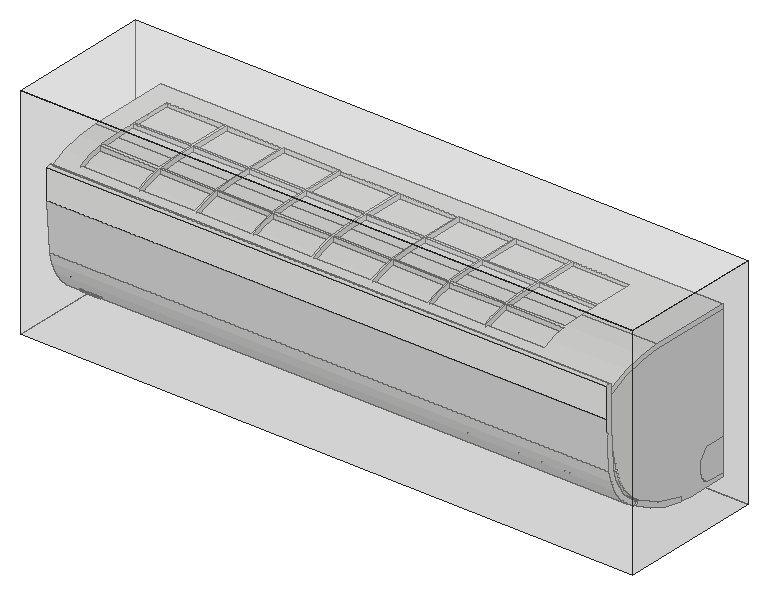
Revit family "outputfile", category 機械設備, Revit 2024
Family settings
  丸型コネクタ寸法 = 半径を使用
  パーツ タイプ = 標準
  OmniClass 番号 = 23.75.10.24.21.27.27
  OmniClass タイトル = Split System Air Conditioning Units
  作業面ベース = いいえ
  常に垂直 = はい
  ロード時にボイドで切り取り = いいえ
  注釈の向きを維持 = いいえ
  共有 = いいえ
  部屋計算ポイント = いいえ
Parameters (values of type "FXAQ50AVM")
  Description = ""
  製造元 = "Daikin"
  書き出し IFC クラス(タイプ) = "IfcUnitaryEquipmentType"
  定義済み IFC タイプ(タイプ) = "AIRCONDITIONINGUNIT"
  Cost = 0
  モデル = "FXAQ50AVM"
  Type Comments = ""
  Keynote = ""
  Type Image = (empty or 0)
  Assembly Code = ""
  w3_Indoor air flow = if(Width = 1050.0 mm, 109.0 mm, 1.0 mm)  # 109.0 mm
  w2_Indoor air flow = if(Width = 1050.0 mm, 103.0 mm, 98.0 mm)  # 103.0 mm
  w1_Indoor air flow = if(Width = 1050.0 mm, 108.0 mm, 103.0 mm)  # 108.0 mm
  r_Liquid Pipe Size = Liquid Pipe Size / 2  # 3.2 mm
  r_Gas Pipe Size = Gas Pipe Size / 2  # 6.35 mm
  r_Drain Pipe Size = Drain Pipe Size / 2  # 7.5 mm
  lw_powersupply [instance] = if(Width = 795.0 mm, if(or(Rear Right Connection_refrigerant, Bottom Right Connection_refrigerant), 83.0 mm, if(or(Rear Left Connection_refrigerant, Bottom Left Connection_refrigerant), 740.0 mm, 400.0 mm)), if(Width = 1050.0 mm, if(or(Rear Right Connection_refrigerant, Bottom Right Connection_refrigerant), 83.0 mm, if(or(Rear Left Connection_refrigerant, Bottom Left Connection_refrigerant), 712.0 mm + (1050.0 mm - 795.0 mm), 400.0 mm)), if(or(Rear Right Connection_refrigerant, Bottom Right Connection_refrigerant), 83.0 mm, if(or(Rear Left Connection_refrigerant, Bottom Left Connection_refrigerant), 712.0 mm, 400.0 mm))))  # 400.0 mm
  lw_liquidpipe [instance] = if(Width = 795.0 mm, if(or(Rear Right Connection_refrigerant, Bottom Right Connection_refrigerant), 0.0 mm, if(or(Rear Left Connection_refrigerant, Bottom Left Connection_refrigerant), 627.0 mm, 460.0 mm)), if(Width = 1050.0 mm, if(or(Rear Right Connection_refrigerant, Bottom Right Connection_refrigerant), 0.0 mm, if(or(Rear Left Connection_refrigerant, Bottom Left Connection_refrigerant), 627.0 mm + (1050.0 mm - 795.0 mm), 460.0 mm)), if(or(Rear Right Connection_refrigerant, Bottom Right Connection_refrigerant), 0.0 mm, if(or(Rear Left Connection_refrigerant, Bottom Left Connection_refrigerant), 627.0 mm, 460.0 mm))))  # 460.0 mm
  lw_gaspipe [instance] = if(Width = 795.0 mm, if(or(Rear Right Connection_refrigerant, Bottom Right Connection_refrigerant), 0.0 mm, if(or(Rear Left Connection_refrigerant, Bottom Left Connection_refrigerant), 620.0 mm, 415.0 mm)), if(Width = 1050.0 mm, if(or(Rear Right Connection_refrigerant, Bottom Right Connection_refrigerant), 0.0 mm, if(or(Rear Left Connection_refrigerant, Bottom Left Connection_refrigerant), 620.0 mm + (1050.0 mm - 795.0 mm), 415.0 mm)), if(or(Rear Right Connection_refrigerant, Bottom Right Connection_refrigerant), 0.0 mm, if(or(Rear Left Connection_refrigerant, Bottom Left Connection_refrigerant), 620.0 mm, 415.0 mm))))  # 415.0 mm
  lw_drainpipe [instance] = if(Width = 795.0 mm, if(or(Rear Right Connection_refrigerant, Bottom Right Connection_refrigerant), 0.0 mm, if(or(Rear Left Connection_refrigerant, Bottom Left Connection_refrigerant), 655.0 mm, 475.0 mm)), if(Width = 1050.0 mm, if(or(Rear Right Connection_refrigerant, Bottom Right Connection_refrigerant), 0.0 mm, if(or(Rear Left Connection_refrigerant, Bottom Left Connection_refrigerant), 655.0 mm + (1050.0 mm - 795.0 mm), 475.0 mm)), if(or(Rear Right Connection_refrigerant, Bottom Right Connection_refrigerant), 0.0 mm, if(or(Rear Left Connection_refrigerant, Bottom Left Connection_refrigerant), 655.0 mm, 475.0 mm))))  # 475.0 mm
  l_powersupply_length [instance] = if(Width = 795.0 mm, if(Right Connection_refrigerant, 400.0 mm, if(Left Connection_refrigerant, 395.0 mm, if(or(Rear Left Connection_refrigerant, Rear Right Connection_refrigerant), 15.0 mm, 50.0 mm))), if(Width = 1050.0 mm, if(Right Connection_refrigerant, 400.0 mm, if(Left Connection_refrigerant, 395.0 mm + (1050.0 mm - 795.0 mm), if(or(Rear Left Connection_refrigerant, Rear Right Connection_refrigerant), 15.0 mm, 50.0 mm))), if(Right Connection_refrigerant, 400.0 mm, if(Left Connection_refrigerant, 395.0 mm, if(or(Rear Left Connection_refrigerant, Rear Right Connection_refrigerant), 15.0 mm, 50.0 mm)))))  # 400.0 mm
  l_liquidpipe_length [instance] = if(Width = 795.0 mm, if(Right Connection_refrigerant, 558.0 mm, if(Left Connection_refrigerant, 237.0 mm, if(or(Rear Left Connection_refrigerant, Rear Right Connection_refrigerant), 30.0 mm, 40.0 mm))), if(Width = 1050.0 mm, if(Right Connection_refrigerant, 558.0 mm, if(Left Connection_refrigerant, 237.0 mm + (1050.0 mm - 795.0 mm), if(or(Rear Left Connection_refrigerant, Rear Right Connection_refrigerant), 30.0 mm, 40.0 mm))), if(Right Connection_refrigerant, 558.0 mm, if(Left Connection_refrigerant, 237.0 mm, if(or(Rear Left Connection_refrigerant, Rear Right Connection_refrigerant), 30.0 mm, 40.0 mm)))))  # 558.0 mm
  l_gaspipe_length [instance] = if(Width = 795.0 mm, if(Right Connection_refrigerant, 513.0 mm, if(Left Connection_refrigerant, 282.0 mm, if(or(Rear Left Connection_refrigerant, Rear Right Connection_refrigerant), 40.0 mm, 50.0 mm))), if(Width = 1050.0 mm, if(Right Connection_refrigerant, 513.0 mm, if(Left Connection_refrigerant, 282.0 mm + (1050.0 mm - 795.0 mm), if(or(Rear Left Connection_refrigerant, Rear Right Connection_refrigerant), 40.0 mm, 50.0 mm))), if(Right Connection_refrigerant, 513.0 mm, if(Left Connection_refrigerant, 282.0 mm, if(or(Rear Left Connection_refrigerant, Rear Right Connection_refrigerant), 40.0 mm, 50.0 mm)))))  # 513.0 mm
  l_drainpipe_length [instance] = if(Width = 795.0 mm, if(Right Connection_refrigerant, 573.0 mm, if(Left Connection_refrigerant, 222.0 mm, if(or(Rear Left Connection_refrigerant, Rear Right Connection_refrigerant), 15.0 mm, 20.0 mm))), if(Width = 1050.0 mm, if(Right Connection_refrigerant, 573.0 mm, if(Left Connection_refrigerant, 222.0 mm + (1050.0 mm - 795.0 mm), if(or(Rear Left Connection_refrigerant, Rear Right Connection_refrigerant), 15.0 mm, 20.0 mm))), if(Right Connection_refrigerant, 573.0 mm, if(Left Connection_refrigerant, 477.0 mm, if(or(Rear Left Connection_refrigerant, Rear Right Connection_refrigerant), 15.0 mm, 20.0 mm)))))  # 573.0 mm
  h*** = 0.0 mm  # constant formula
  d1_Indoor air flow = if(Width = 1050.0 mm, 38.0 mm, 35.0 mm)  # 38.0 mm
  angle_vertical [instance] = if(or(Bottom Left Connection_refrigerant, Bottom Right Connection_refrigerant), 0.00°, 90.00°)  # 90.00°
  angle_horizontal [instance] = if(Right Connection_refrigerant, 90.00°, if(Left Connection_refrigerant, -90.00°, if(or(Rear Left Connection_refrigerant, Rear Right Connection_refrigerant), 180.00°, 0.00°)))  # 90.00°
  Width = 1050.0 mm
  Voltage_comment_60Hz = "220-230"
  Voltage_comment_50Hz = "220-240"
  Voltage_60Hz = 220 V
  Voltage_50Hz = 230 V
  Version = "ver.1.0"
  Unit Type = "Wall Mounted Type"
  Unit Mass Weight = 15.00 kg
  Unit Designation [instance] = ""
  Uniclass2015Version = "Products v1.30"
  Uniclass2015Title = "Variable refrigerant flow units"
  Uniclass2015Code = "Pr_70_65_03_94"
  URL = ""
  Total Heating Capacity [instance] = 0.000 kW
  Total Cooling Capacity [instance] = 0.000 kW
  Sound Pressure Level_M speed (dBA) = 0
  Sound Pressure Level_L speed (dBA) = 35.5
  Sound Pressure Level_H speed (dBA) = 41
  Sound Power Level_H speed (dB) = 0
  Series = "VRV Fan Coil Unit"
  Sensible Cooling Capacity [instance] = 0.000 kW
  Refrigerant Type = "R410A"
  Power Input (Heating) = 0.070 kW
  Power Input (Cooling) = 0.060 kW
  Phase_60Hz = 1
  Phase_50Hz = 1
  Option Accessory 3 [instance] = ""
  Option Accessory 2 [instance] = ""
  Option Accessory 1 [instance] = ""
  Nominal Heating Capacity = 6.300 kW
  Nominal Cooling Capacity = 5.600 kW
  Minimum Circuit Amps_60Hz = 0.7 A
  Minimum Circuit Amps_50Hz = 0.7 A
  Minimum Airflow = 720.00 m³/h
  Median Airflow = 0.00 m³/h
  Maximum Fuse Amps_60Hz = 15.0 A
  Maximum Fuse Amps_50Hz = 15.0 A
  Maximum Airflow = 900.00 m³/h
  Material_Casing = DAIKIN_White_Casing_indoorunit
  Load Classification = HVAC
  Liquid Pipe Size = 6.4 mm
  Link_Nested Family [instance] = ""
  IfcVersion = "0"
  IfcExportType = "AIRCONDITIONINGUNIT"
  IfcExportAs = "IfcUnitaryEquipmentType"
  Height = 290.0 mm
  Heating Entering Wet Bulb Temperature [instance] = 0.00 °C
  Heating Entering Dry Bulb Temperature [instance] = 0.00 °C
  Heating Ambient Wet Bulb Temperature [instance] = 0.00 °C
  Heating Ambient Dry Bulb Temperature [instance] = 0.00 °C
  Heat Exchanger Type = "Cross Fin Coil"
  Gas Pipe Size = 12.7 mm
  Frequency_60Hz = 60 Hz
  Frequency_50Hz = 50 Hz
  Fan Type = "Cross Flow Fan"
  Fan Drive = "Direct Drive"
  FCU Tag No. [instance] = ""
  Drain Pipe Size = 15.0 mm
  Design Supply Airflow [instance] = 0.00 m³/h
  Depth = 269.0 mm
  既定の高さ = 0.0 mm
  Cooling Entering Wet Bulb Temperature [instance] = 0.00 °C
  Cooling Entering Dry Bulb Temperature [instance] = 0.00 °C
  Cooling Ambient Wet Bulb Temperature [instance] = 0.00 °C
  Cooling Ambient Dry Bulb Temperature [instance] = 0.00 °C
  Clearance visibility [instance] = yes
  Clearance Top = 90.0 mm
  Clearance Right = 50.0 mm
  Clearance Rear = 0.0 mm
  Clearance Left = 50.0 mm
  Clearance Front = 0.0 mm
  Clearance Bottom = 30.0 mm
  Bottom Right Connection_refrigerant [instance] = no
  Bottom Left Connection_refrigerant [instance] = no
  Rear Right Connection_refrigerant [instance] = no
  Rear Left Connection_refrigerant [instance] = no
  Right Connection_refrigerant [instance] = yes
  Left Connection_refrigerant [instance] = no
Reference planes
  plane 1 "Back": y = 0
  plane 2: z = 0
  plane 3 "Center (Left/Right)": x = 0
  plane 4 "Center (Front/Back)": y = -134.5
  plane 5 "Front": y = -269
  plane 6 "Left": x = -525
  plane 7 "Right": x = 525
  plane 8 "Top": z = 0
  plane 9 "Bottom": z = -290
  plane 10 "Front panel_Left": x = -523
  plane 11 "Front panel_Right": x = 523
  plane 12: x = 389
  plane 13: x = 384
  plane 14: x = -573
  plane 15: x = 573
  plane 16: y = 0
  plane 17: y = -269
  plane 18: z = 90
  plane 19: z = -320
  plane 20: y = -38
  plane 21: y = -114.5
  plane 22: y = -190.5
  plane 23: y = -240
  plane 24: y = -118
  plane 25: y = -194
  plane 26: x = -50
  plane 27: x = -52
  plane 28: x = -48
  plane 29: x = 60
  plane 30: x = -160
  plane 31: x = -163
  plane 32: x = 63
  plane 33: x = -266
  plane 34: x = 166
  plane 35: x = -269
  plane 36: x = 169
  plane 37: x = -372
  plane 38: x = 272
  plane 39: x = -375
  plane 40: x = 275
  plane 41: x = 384
  plane 42: x = -484
  plane 43 "lw_Piping and Wiring intake": x = 427
  plane 44 "lw_gaspipe": x = 12
  plane 45 "lw_liquidpipe": x = -33
  plane 46 "lw_drainpipe": x = -48
  plane 47 "lh_drainpipe": z = -270
  plane 48 "lh_liquidpipe": z = -250
  plane 49 "lh_gaspipe": z = -240
  plane 50 "ld_drainpipe": y = -15
  plane 51 "ld_liquidpipe": y = -30
  plane 52 "ld_gaspipe": y = -40
  plane 53 "lw_powersupply": x = 125
Forms (mm)
  Extrusion 1, solid, material "DAIKIN_White_Casing_indoorunit" <- "Material_Casing"
    sketch origin (0, 0, 0) x (0, 1, 0) y (0, 0, 1)
      loop
        line (0, 0) -> (-153.182, 0)
        arc (-153.182, 0) -> (-207.578, -6.929) -> (-258.5, -27.273) r 216.99
        line (-258.5, -27.273) -> (-258.5, -36.477)
        arc (-258.5, -36.477) -> (-207.732, -15.245) -> (-153.182, -8) r 208.99
        line (-153.182, -8) -> (0, -8) -> (0, 0)
    from -525 to 525
  Extrusion 2, solid, material "DAIKIN_White_Casing_indoorunit" <- "Material_Casing"
    sketch origin (0, 0, 0) x (0, 1, 0) y (0, 0, 1)
      loop
        arc (-153.182, -8) -> (-207.732, -15.245) -> (-258.5, -36.477) r 208.99
        line (-258.5, -36.477) -> (-258.5, -86.08)
        arc (-258.5, -86.08) -> (-255.889, -129.793) -> (-248.094, -172.885) r 367.242
        arc (-248.094, -172.885) -> (-229.647, -212.392) -> (-197.378, -241.715) r 110.72
        arc (-197.378, -241.715) -> (-148.03, -265.605) -> (-95.247, -280.433) r 310.126
        line (-95.247, -280.433) -> (-95.247, -288.232)
        arc (-95.247, -288.232) -> (-84.534, -289.557) -> (-73.748, -290) r 131.592
        line (-73.748, -290) -> (0, -290) -> (0, -8) -> (-153.182, -8)
    from -525 to 525
  Extrusion 3, solid, material "DAIKIN_White_Casing_indoorunit" <- "Material_Casing"
    sketch origin (525, 1296.25, 1200) x (0, 1, 0) y (0, 0, 1)
      loop
        line (-1491.901, -1442.741) -> (-1496.494, -1450.482)
        arc (-1496.494, -1450.482) -> (-1447.058, -1474.911) -> (-1393.497, -1488.023) r 252.452
        line (-1393.497, -1488.023) -> (-1393.497, -1480.051)
        arc (-1393.497, -1480.051) -> (-1444.293, -1465.6) -> (-1491.901, -1442.741) r 310.126
    from 0 to -40.5
  Extrusion 4, solid, material "DAIKIN_White_Casing_indoorunit" <- "Material_Casing"
    sketch origin (0, 0, 0) x (0, 1, 0) y (0, 0, 1)
      loop
        line (-260, -76.896) -> (-260, -19.457) -> (-261.688, -19.457)
        arc (-261.688, -19.457) -> (-265.551, -20.17) -> (-269, -22.048) r 12.48
        line (-269, -22.048) -> (-269, -76.896) -> (-260, -76.896)
    from -523 to 523
  Extrusion 5, solid, material "DAIKIN_White_Casing_indoorunit" <- "Material_Casing"
    sketch origin (0, 0, 0) x (0, 1, 0) y (0, 0, 1)
      loop
        arc (-269, -76.896) -> (-267.342, -121.828) -> (-262.378, -166.517) r 609.735
        line (-262.378, -166.517) -> (-253.471, -165.192)
        arc (-253.471, -165.192) -> (-258.366, -121.165) -> (-260, -76.896) r 600.314
        line (-260, -76.896) -> (-269, -76.896)
    from -523 to 523
  Extrusion 6, solid, material "DAIKIN_White_Casing_indoorunit" <- "Material_Casing"
    sketch origin (0, 0, 0) x (0, 1, 0) y (0, 0, 1)
      loop
        arc (-262.378, -166.517) -> (-243.331, -214.672) -> (-204.947, -249.433) r 114
        line (-204.947, -249.433) -> (-200.324, -241.643)
        arc (-200.324, -241.643) -> (-235.845, -209.638) -> (-253.471, -165.192) r 104.894
        line (-253.471, -165.192) -> (-262.378, -166.517)
    from -523 to 523
  Extrusion 7, solid, material "DAIKIN_White_Casing_indoorunit" <- "Material_Casing"
    sketch origin (-525, 1296.25, 1200) x (0, 1, 0) y (0, 0, 1)
      loop
        arc (-1496.494, -1450.482) -> (-1447.058, -1474.911) -> (-1393.497, -1488.023) r 252.452
        line (-1393.497, -1488.023) -> (-1393.497, -1480.051)
        arc (-1393.497, -1480.051) -> (-1444.293, -1465.6) -> (-1491.901, -1442.741) r 310.126
        line (-1491.901, -1442.741) -> (-1496.494, -1450.482)
    from 0 to 40.5
  Extrusion 8, solid, material "DAIKIN_White_Casing_indoorunit" <- "Material_Casing"
    sketch origin (0, 0, 0) x (0, 1, 0) y (0, 0, 1)
      loop
        arc (-134.549, -280.22) -> (-116.045, -284.826) -> (-97.247, -288.023) r 252.452
        line (-97.247, -288.023) -> (-97.247, -280.051)
        arc (-97.247, -280.051) -> (-114.669, -276.142) -> (-131.838, -271.237) r 310.126
        line (-131.838, -271.237) -> (-134.549, -280.22)
    from -484.5 to 484.5
  Extrusion 9, solid, material "DAIKIN_White_Casing_indoorunit" <- "Material_Casing"
    sketch origin (389, -1524, 1789.769) x (0, 0, 1) y (0, -1, 0)
      loop
        line (-2032.51, -1328.35) -> (-2040.251, -1323.756)
        arc (-2040.251, -1323.756) -> (-2050.358, -1341.058) -> (-2059.061, -1359.107) r 252.452
        line (-2059.061, -1359.107) -> (-2050.603, -1364.126)
        arc (-2050.603, -1364.126) -> (-2042.135, -1345.945) -> (-2032.51, -1328.35) r 310.126
    from 0 to 95.5
  Extrusion 10, solid, material "DAIKIN_White_Casing_indoorunit" <- "Material_Casing"
    sketch origin (389, -1524, 1789.769) x (0, 0, 1) y (0, -1, 0)
      loop
        arc (-2059.061, -1359.107) -> (-2065.01, -1374.104) -> (-2069.989, -1389.451) r 252.452
        line (-2069.989, -1389.451) -> (-2061.006, -1392.162)
        arc (-2061.006, -1392.162) -> (-2056.142, -1378.019) -> (-2050.603, -1364.126) r 310.126
        line (-2050.603, -1364.126) -> (-2059.061, -1359.107)
    from 0 to 95.5
  Extrusion 11, solid, material "DAIKIN_White_Casing_indoorunit" <- "Material_Casing"
    sketch origin (384, -1524, 1089.438) x (0, 0, 1) y (0, -1, 0)
      loop
        arc (-1350.272, -1364.126) -> (-1341.805, -1345.945) -> (-1332.179, -1328.35) r 310.126
        line (-1332.179, -1328.35) -> (-1339.92, -1323.756)
        arc (-1339.92, -1323.756) -> (-1350.027, -1341.058) -> (-1358.73, -1359.107) r 252.452
        line (-1358.73, -1359.107) -> (-1350.272, -1364.126)
    from 0 to -868.5
  Extrusion 12, solid, material "DAIKIN_White_Casing_indoorunit" <- "Material_Casing"
    sketch origin (384, -1524, 1089.438) x (0, 0, 1) y (0, -1, 0)
      loop
        arc (-1360.675, -1392.162) -> (-1355.812, -1378.019) -> (-1350.272, -1364.126) r 310.126
        line (-1350.272, -1364.126) -> (-1358.73, -1359.107)
        arc (-1358.73, -1359.107) -> (-1364.679, -1374.104) -> (-1369.658, -1389.451) r 252.452
        line (-1369.658, -1389.451) -> (-1360.675, -1392.162)
    from 0 to -868.5
  Extrusion 13, void
    sketch origin (0, 0, 0) x (-1, 0, 0) y (0, -1, 0)
      loop
        line (48, 38) -> (48, 114.5) -> (-60, 114.5) -> (-60, 38) -> (48, 38)
      loop
        line (-63, 38) -> (-63, 114.5) -> (-166, 114.5) -> (-166, 38) -> (-63, 38)
      loop
        line (-169, 38) -> (-169, 114.5) -> (-272, 114.5) -> (-272, 38) -> (-169, 38)
      loop
        line (-275, 38) -> (-275, 114.5) -> (-384, 114.5) -> (-384, 38) -> (-275, 38)
      loop
        line (160, 38) -> (160, 114.5) -> (52, 114.5) -> (52, 38) -> (160, 38)
      loop
        line (-275, 118) -> (-275, 190.5) -> (-384, 190.5) -> (-384, 118) -> (-275, 118)
      loop
        line (-275, 194) -> (-275, 240) -> (-384, 240) -> (-384, 194) -> (-275, 194)
      loop
        line (-169, 240) -> (-272, 240) -> (-272, 194) -> (-169, 194) -> (-169, 240)
      loop
        line (-63, 240) -> (-166, 240) -> (-166, 194) -> (-63, 194) -> (-63, 240)
      loop
        line (-60, 194) -> (48, 194) -> (48, 240) -> (-60, 240) -> (-60, 194)
      loop
        line (160, 240) -> (52, 240) -> (52, 194) -> (160, 194) -> (160, 240)
      loop
        line (266, 240) -> (163, 240) -> (163, 194) -> (266, 194) -> (266, 240)
      loop
        line (372, 240) -> (269, 240) -> (269, 194) -> (372, 194) -> (372, 240)
      loop
        line (163, 38) -> (266, 38) -> (266, 114.5) -> (163, 114.5) -> (163, 38)
      loop
        line (269, 38) -> (372, 38) -> (372, 114.5) -> (269, 114.5) -> (269, 38)
      loop
        line (372, 118) -> (372, 190.5) -> (269, 190.5) -> (269, 118) -> (372, 118)
      loop
        line (266, 118) -> (266, 190.5) -> (163, 190.5) -> (163, 118) -> (266, 118)
      loop
        line (160, 118) -> (160, 190.5) -> (52, 190.5) -> (52, 118) -> (160, 118)
      loop
        line (48, 118) -> (48, 190.5) -> (-60, 190.5) -> (-60, 118) -> (48, 118)
      loop
        line (-63, 118) -> (-63, 190.5) -> (-166, 190.5) -> (-166, 118) -> (-63, 118)
      loop
        line (-169, 118) -> (-169, 190.5) -> (-272, 190.5) -> (-272, 118) -> (-169, 118)
      loop
        line (375, 38) -> (484, 38) -> (484, 114.5) -> (375, 114.5) -> (375, 38)
      loop
        line (484, 118) -> (484, 190.5) -> (375, 190.5) -> (375, 118) -> (484, 118)
      loop
        line (484, 240) -> (375, 240) -> (375, 194) -> (484, 194) -> (484, 240)
    from 2 to -30
  Extrusion 14, solid, material "DAIKIN_White_Casing_indoorunit" <- "Material_Casing"
    sketch origin (0, 0, 0) x (1, 0, 0) y (0, 0, 1)
      loop
        circle (427, -246) r 40
      loop
        circle (-465, -246) r 40
    from 0 to 5
  Extrusion 15, solid, material "DAIKIN_White_Casing_indoorunit" <- "Material_Casing"
    sketch origin (525, 1296.25, 1200) x (0, -1, 0) y (0, 0, 1)
      loop
        line (1326.25, -1422) -> (1296.25, -1422) -> (1296.25, -1482) -> (1326.25, -1482)
        arc (1326.25, -1482) -> (1340.393, -1476.142) -> (1346.25, -1462) r 20
        line (1346.25, -1462) -> (1346.25, -1442)
        arc (1346.25, -1442) -> (1340.393, -1427.858) -> (1326.25, -1422) r 20
    from 0 to 5
  Extrusion 16, solid, material "DAIKIN_White_Casing_indoorunit" <- "Material_Casing"
    sketch origin (-525, 1296.25, 1200) x (0, 1, 0) y (0, 0, 1)
      loop
        line (-1296.25, -1422) -> (-1326.25, -1422)
        arc (-1326.25, -1422) -> (-1340.393, -1427.858) -> (-1346.25, -1442) r 20
        line (-1346.25, -1442) -> (-1346.25, -1462)
        arc (-1346.25, -1462) -> (-1340.393, -1476.142) -> (-1326.25, -1482) r 20
        line (-1326.25, -1482) -> (-1296.25, -1482) -> (-1296.25, -1422)
    from 0 to 5
  Extrusion 17, solid, material "DAIKIN_White_Casing_indoorunit" <- "Material_Casing"
    sketch origin (0, 0, -290) x (-1, 0, 0) y (0, -1, 0)
      loop
        line (-397, 0) -> (-397, 30)
        arc (-397, 30) -> (-402.858, 44.142) -> (-417, 50) r 20
        line (-417, 50) -> (-437, 50)
        arc (-437, 50) -> (-451.142, 44.142) -> (-457, 30) r 20
        line (-457, 30) -> (-457, 0) -> (-397, 0)
      loop
        line (495, 0) -> (495, 30)
        arc (495, 30) -> (489.142, 44.142) -> (475, 50) r 20
        line (475, 50) -> (455, 50)
        arc (455, 50) -> (440.858, 44.142) -> (435, 30) r 20
        line (435, 30) -> (435, 0) -> (495, 0)
    from 0 to 5
Cuts and joins
  joined: Extrusion 4, Extrusion 5, Extrusion 6
  joined: Extrusion 3, Extrusion 7, Extrusion 8
  Extrusion 13 cuts Extrusion 1
Lines and regions (mm)
  reference lines
    curve 1: line (-523, -230.394, -229.966) -> (-523, -223.117, -236.824)
Dimensions and locks
  equal spacing: plane 6 "Left", plane 3 "Center (Left/Right)", plane 7 "Right"
  "Width": plane 6 "Left" to plane 7 "Right"
  equal spacing: plane 5 "Front", plane 4 "Center (Front/Back)", plane 1 "Back"
  "Depth": plane 5 "Front" to plane 1 "Back"
  "Height": plane 8 "Top" to plane 9 "Bottom"
  locked: Extrusion 1 sketch curve to Extrusion 1 sketch curve at 8
  locked: Extrusion 2 sketch curve to plane 1 "Back" at 73.748
  locked: Extrusion 3 sketch curve to plane 1 "Back" at 97.247
  locked: Extrusion 4 sketch curve to Extrusion 4 sketch curve at 9
  locked: plane 8 "Top" to Extrusion 4 sketch curve at 19.457
  locked: plane 5 "Front" to Extrusion 6 sketch curve at 6.622
  locked: plane 5 "Front" to Extrusion 6 sketch curve at 15.529
  locked: plane 10 "Front panel_Left" to plane 6 "Left" at 2
  locked: plane 7 "Right" to plane 11 "Front panel_Right" at 2
  locked: cut or joined group of Extrusion 3, Extrusion 7, Extrusion 8 to Extrusion 9 sketch curve at 40
  locked: plane 7 "Right" to plane 12 at 136
  locked: plane 12 to plane 13 at 5
  "Clearance Left": plane 14 to plane 10 "Front panel_Left"
  "Clearance Right": plane 11 "Front panel_Right" to plane 15
  "Clearance Rear": plane 16 to plane 1 "Back"
  "Clearance Front": plane 17 to plane 5 "Front"
  "Clearance Top": plane 18 to plane 8 "Top"
  "Clearance Bottom": plane 9 "Bottom" to plane 19
  locked: nested 2 to plane 10 "Front panel_Left" at 50
  "d1_Indoor air flow": plane 20 to plane 1 "Back"
  locked: plane 20 to plane 21 at 76.5
  locked: plane 21 to plane 24 at 3.5
  locked: plane 24 to plane 22 at 72.5
  locked: plane 22 to plane 25 at 3.5
  locked: plane 25 to plane 23 at 46
  locked: plane 26 to plane 3 "Center (Left/Right)" at 50
  equal spacing: plane 27, plane 26, plane 28
  locked: plane 27 to plane 28 at 4
  "w1_Indoor air flow": plane 28 to plane 29
  "w1_Indoor air flow": plane 30 to plane 27
  locked: plane 31 to plane 30 at 3
  locked: plane 29 to plane 32 at 3
  "w2_Indoor air flow": plane 33 to plane 31
  "w2_Indoor air flow": plane 32 to plane 34
  locked: plane 35 to plane 33 at 3
  locked: plane 34 to plane 36 at 3
  locked: plane 37 to plane 35 at 103
  locked: plane 36 to plane 38 at 103
  locked: plane 39 to plane 37 at 3
  locked: plane 38 to plane 40 at 3
  "w3_Indoor air flow": plane 40 to plane 41
  "w3_Indoor air flow": plane 42 to plane 39
  locked: plane 9 "Bottom" to Extrusion 14 sketch curve at 44  (x2)
  locked: Extrusion 14 sketch curve to plane 6 "Left" at 60
  locked: plane 7 "Right" to Extrusion 14 sketch curve at 98
  locked: plane 43 "lw_Piping and Wiring intake" to plane 7 "Right" at 98
  "lw_gaspipe": plane 44 "lw_gaspipe" to plane 43 "lw_Piping and Wiring intake"
  "lw_liquidpipe": plane 45 "lw_liquidpipe" to plane 43 "lw_Piping and Wiring intake"
  "lw_drainpipe": plane 46 "lw_drainpipe" to plane 43 "lw_Piping and Wiring intake"
  locked: plane 47 "lh_drainpipe" to plane 9 "Bottom" at 20
  locked: plane 48 "lh_liquidpipe" to plane 9 "Bottom" at 40
  locked: plane 49 "lh_gaspipe" to plane 9 "Bottom" at 50
  locked: plane 50 "ld_drainpipe" to plane 1 "Back" at 15
  locked: plane 1 "Back" to plane 51 "ld_liquidpipe" at 30
  locked: plane 1 "Back" to plane 52 "ld_gaspipe" at 40
  Extrusion 15 sketch curve to Extrusion 15 sketch curve to plane 9 "Bottom" = 60.0 mm locked, 8.0 mm locked
  locked: Extrusion 15 sketch curve to Extrusion 15 sketch curve at 50
  locked: Extrusion 17 sketch curve to Extrusion 17 sketch curve at 60  (x2)
  locked: Extrusion 17 sketch curve to Extrusion 17 sketch curve at 50
  locked: Extrusion 17 sketch curve to plane 43 "lw_Piping and Wiring intake" at 30
  locked: plane 6 "Left" to Extrusion 17 sketch curve at 30
  "lw_powersupply": plane 53 "lw_powersupply" to plane 7 "Right"
  radius of Extrusion 5 sketch curve = 609.735 mm
  radius of Extrusion 5 sketch curve = 600.314 mm
  aligned and locked: level to plane 2
  aligned and locked: plane 8 "Top" to Extrusion 1 sketch curve
  aligned and locked: plane 1 "Back" to Extrusion 1 sketch curve
  aligned and locked: Extrusion 1 to plane 6 "Left"
  aligned and locked: plane 7 "Right" to Extrusion 1
  aligned and locked: Extrusion 2 sketch curve to Extrusion 1
  aligned and locked: Extrusion 1 to Extrusion 2 sketch curve
  aligned and locked: plane 1 "Back" to Extrusion 2 sketch curve
  aligned and locked: Extrusion 2 sketch curve to plane 9 "Bottom"
  aligned and locked: Extrusion 2 to plane 6 "Left"
  aligned and locked: plane 7 "Right" to Extrusion 2
  aligned and locked: Extrusion 3 sketch curve to Extrusion 2
  aligned and locked: plane 5 "Front" to Extrusion 4 sketch curve
  aligned and locked: Extrusion 5 sketch curve to Extrusion 4
  aligned and locked: Extrusion 6 sketch curve to Extrusion 5
  aligned and locked: cut or joined group of Extrusion 4, Extrusion 5, Extrusion 6 to plane 11 "Front panel_Right"  (x3)
  aligned and locked: plane 10 "Front panel_Left" to cut or joined group of Extrusion 4, Extrusion 5, Extrusion 6  (x3)
  aligned and locked: Extrusion 7 sketch curve to Extrusion 3  (x4)
  aligned and locked: Extrusion 8 sketch curve to Extrusion 3  (x3)
  aligned and locked: Extrusion 8 to Extrusion 3
  aligned and locked: Extrusion 8 to Extrusion 7
  aligned and locked: Extrusion 9 sketch curve to cut or joined group of Extrusion 3, Extrusion 7, Extrusion 8  (x3)
  aligned and locked: Extrusion 10 sketch curve to cut or joined group of Extrusion 3, Extrusion 7, Extrusion 8  (x3)
  aligned and locked: Extrusion 10 sketch curve to Extrusion 9
  aligned and locked: Extrusion 9 to cut or joined group of Extrusion 3, Extrusion 7, Extrusion 8
  aligned and locked: Extrusion 10 to cut or joined group of Extrusion 3, Extrusion 7, Extrusion 8
  aligned and locked: Extrusion 11 sketch curve to Extrusion 9  (x4)
  aligned and locked: Extrusion 11 to cut or joined group of Extrusion 3, Extrusion 7, Extrusion 8
  aligned and locked: Extrusion 12 sketch curve to Extrusion 10  (x4)
  aligned and locked: Extrusion 12 to cut or joined group of Extrusion 3, Extrusion 7, Extrusion 8
  aligned and locked: plane 16 to nested 1
  aligned and locked: nested 1 to plane 17
  aligned and locked: plane 14 to nested 1
  aligned and locked: plane 15 to nested 1
  aligned and locked: plane 19 to nested 1
  aligned and locked: plane 18 to nested 1
  aligned and locked: nested 2 to curve 1
  aligned and locked: Extrusion 13 sketch curve to plane 20  (x5)
  aligned and locked: plane 28 to Extrusion 13 sketch curve  (x2)
  aligned and locked: plane 21 to Extrusion 13 sketch curve  (x5)
  aligned and locked: Extrusion 13 sketch curve to plane 29  (x2)
  aligned and locked: plane 32 to Extrusion 13 sketch curve  (x2)
  aligned and locked: Extrusion 13 sketch curve to plane 34  (x2)
  aligned and locked: plane 36 to Extrusion 13 sketch curve  (x2)
  aligned and locked: Extrusion 13 sketch curve to plane 38  (x2)
  aligned and locked: plane 40 to Extrusion 13 sketch curve  (x3)
  aligned and locked: Extrusion 13 sketch curve to plane 41  (x3)
  aligned and locked: plane 30 to Extrusion 13 sketch curve  (x2)
  aligned and locked: Extrusion 13 sketch curve to plane 27  (x2)
  aligned and locked: Extrusion 13 sketch curve to plane 24  (x8)
  aligned and locked: plane 22 to Extrusion 13 sketch curve  (x8)
  aligned and locked: Extrusion 13 sketch curve to plane 25
  aligned and locked: plane 23 to Extrusion 13 sketch curve
  aligned and locked: Extrusion 13 sketch curve to plane 23  (x7)
  aligned and locked: Extrusion 13 sketch curve to plane 36
  aligned and locked: plane 25 to Extrusion 13 sketch curve  (x7)
  aligned and locked: plane 38 to Extrusion 13 sketch curve
  aligned and locked: Extrusion 13 sketch curve to plane 32
  aligned and locked: plane 34 to Extrusion 13 sketch curve
  aligned and locked: plane 29 to Extrusion 13 sketch curve
  aligned and locked: Extrusion 13 sketch curve to plane 28
  aligned and locked: Extrusion 13 sketch curve to plane 30
  aligned and locked: plane 27 to Extrusion 13 sketch curve
  aligned and locked: Extrusion 13 sketch curve to plane 33  (x2)
  aligned and locked: plane 31 to Extrusion 13 sketch curve  (x2)
  aligned and locked: Extrusion 13 sketch curve to plane 37  (x2)
  aligned and locked: plane 35 to Extrusion 13 sketch curve  (x2)
  aligned and locked: plane 20 to Extrusion 13 sketch curve  (x3)
  aligned and locked: Extrusion 13 sketch curve to plane 21  (x3)
  aligned and locked: plane 37 to Extrusion 13 sketch curve
  aligned and locked: Extrusion 13 sketch curve to plane 35
  aligned and locked: plane 33 to Extrusion 13 sketch curve
  aligned and locked: Extrusion 13 sketch curve to plane 31
  aligned and locked: plane 39 to Extrusion 13 sketch curve  (x2)
  aligned and locked: Extrusion 13 sketch curve to plane 42  (x2)
  aligned and locked: plane 42 to Extrusion 13 sketch curve
  aligned and locked: Extrusion 13 sketch curve to plane 39
  aligned and locked: plane 1 "Back" to Extrusion 15 sketch curve
  aligned and locked: Extrusion 16 sketch curve to Extrusion 15  (x4)
  aligned and locked: Extrusion 17 sketch curve to Extrusion 17 sketch curve  (x2)
  aligned and locked: plane 1 "Back" to Extrusion 17 sketch curve
  aligned and locked: plane 44 "lw_gaspipe" to nested 3
  aligned and locked: nested 3 to plane 52 "ld_gaspipe"
  aligned and locked: plane 45 "lw_liquidpipe" to nested 4
  aligned and locked: nested 4 to plane 51 "ld_liquidpipe"
  aligned and locked: plane 46 "lw_drainpipe" to nested 5
  aligned and locked: nested 5 to plane 50 "ld_drainpipe"
  aligned and locked: nested 6 to plane 50 "ld_drainpipe"
  aligned and locked: plane 53 "lw_powersupply" to nested 6
  aligned and locked: level to plane 8 "Top"
Automatic sketch dimensions
  Extrusion 1 sketch curve to plane 8 "Top" = 0.0 mm
  Extrusion 1 sketch curve to plane 4 "Center (Front/Back)" = 18.682 mm
  Extrusion 1 sketch curve to Extrusion 1 sketch curve = 9.205 mm
  Extrusion 1 sketch curve to Extrusion 1 sketch curve = 0.0 mm  (x3)
  Extrusion 1 sketch curve to plane 5 "Front" = 10.5 mm
  Extrusion 2 sketch curve to plane 4 "Center (Front/Back)" = 6.011 mm
  plane 9 "Bottom" to Extrusion 2 sketch curve = 9.567 mm
  Extrusion 2 sketch curve to Extrusion 2 sketch curve = 21.499 mm
  plane 1 "Back" to Extrusion 2 sketch curve = 38.095 mm
  Extrusion 2 sketch curve to plane 8 "Top" = 86.08 mm
  Extrusion 2 sketch curve to Extrusion 2 sketch curve = 7.799 mm
  Extrusion 2 sketch curve to Extrusion 2 sketch curve = 11.695 mm
  plane 8 "Top" to Extrusion 2 sketch curve = 24.382 mm
  Extrusion 2 sketch curve to Extrusion 2 sketch curve = 0.0 mm  (x2)
  Extrusion 4 sketch curve to Extrusion 4 sketch curve = 1.688 mm
  Extrusion 4 sketch curve to plane 5 "Front" = 7.618 mm
  Extrusion 4 sketch curve to Extrusion 4 sketch curve = 12.476 mm
  Extrusion 4 sketch curve to Extrusion 4 sketch curve = 44.963 mm
  Extrusion 5 sketch curve to Extrusion 5 sketch curve = 0.421 mm
  Extrusion 5 sketch curve to plane 5 "Front" = 6.622 mm
  Extrusion 5 sketch curve to Extrusion 5 sketch curve = 8.907 mm
  Extrusion 5 sketch curve to plane 5 "Front" = 0.0 mm
  plane 9 "Bottom" to Extrusion 6 sketch curve = 40.567 mm
  Extrusion 6 sketch curve to Extrusion 6 sketch curve = 4.622 mm
  Extrusion 6 sketch curve to Extrusion 6 sketch curve = 0.102 mm
  Extrusion 6 sketch curve to Extrusion 6 sketch curve = 0.003 mm
  Extrusion 6 sketch curve to Extrusion 6 sketch curve = 48.524 mm
  Extrusion 6 sketch curve to Extrusion 6 sketch curve = 50.607 mm
  plane 9 "Bottom" to Extrusion 3 sketch curve = 47.259 mm
  Extrusion 3 sketch curve to Extrusion 3 sketch curve = 4.593 mm
  plane 1 "Back" to Extrusion 3 sketch curve = 64.356 mm
  plane 9 "Bottom" to Extrusion 3 sketch curve = 1.977 mm
  Extrusion 3 sketch curve to Extrusion 3 sketch curve = 7.741 mm
  plane 4 "Center (Front/Back)" to Extrusion 8 sketch curve = 2.662 mm
  Extrusion 8 sketch curve to plane 4 "Center (Front/Back)" = 0.049 mm
  plane 9 "Bottom" to curve 1 = 53.176 mm
  curve 1 to plane 5 "Front" = 45.883 mm
  curve 1 to curve 1 = 6.859 mm
  curve 1 to curve 1 = 7.277 mm
  Extrusion 15 sketch curve to plane 51 "ld_liquidpipe" = 0.0 mm  (x2)
  Extrusion 17 sketch curve to plane 51 "ld_liquidpipe" = 0.0 mm  (x4)
  radius of Extrusion 14 sketch curve = 40.0 mm  (x2)
Nested families
  nested 1: "daikin_clearancespace" at (0, -134.5, -114.881), show <- "Clearance visibility", visible <- "Clearance visibility", Link_Nested Family <- "Link_Nested Family", type "daikin_clearancespace"
    with width 1146.0 mm, show yes, height 410.0 mm, depth 269.0 mm, Link_Nested Family ""
  nested 2: "daikin_logo_plane_w40" at (-473, -230.722, -229.657) x (1, 0, 0) z (0, -0.6859, -0.7277), type "daikin_logo_plane_w40"
    with show_logo yes
  nested 3: "daikin_connector_rotate3" at (12, -40, -240), angle_vertical <- "angle_vertical", angle_horizontal <- "angle_horizontal", length <- "l_gaspipe_length", radius <- "r_Gas Pipe Size", type "daikin_connector_rotate3"
    with show no, radius 6.35 mm, length 513.0 mm, angle_vertical 90.00°, angle_horizontal 90.00°
  nested 4: "daikin_connector_rotate3" at (-33, -30, -250), angle_vertical <- "angle_vertical", angle_horizontal <- "angle_horizontal", radius <- "r_Liquid Pipe Size", length <- "l_liquidpipe_length", type "daikin_connector_rotate3"
    with show no, radius 3.2 mm, length 558.0 mm, angle_vertical 90.00°, angle_horizontal 90.00°
  nested 5: "daikin_connector_rotate3" at (-48, -15, -270), angle_vertical <- "angle_vertical", angle_horizontal <- "angle_horizontal", length <- "l_drainpipe_length", radius <- "r_Drain Pipe Size", type "daikin_connector_rotate3"
    with show no, radius 7.5 mm, length 573.0 mm, angle_vertical 90.00°, angle_horizontal 90.00°
  nested 6: "daikin_connector_rotate3" at (125, -15, -240), angle_vertical <- "angle_vertical", angle_horizontal <- "angle_horizontal", length <- "l_powersupply_length", type "daikin_connector_rotate3"
    with show no, radius 10.0 mm, length 400.0 mm, angle_vertical 90.00°, angle_horizontal 90.00°
Connectors
  piping at (525, -40, -240), diameter 12.7, driven by "r_Gas Pipe Size"
    settings: on nested 3, index 1, connector inside diameter 609.6 mm, connector length 0.0 mm, flow factor 0, pipe flow 0.00 m³/h, pressure drop 0.0 Pa, fitting loss kfactor 0, connector angle 0.00°, fixture units 0, engagement length 0.0 mm, angle of deflection 0.00°, flow configuration 1, flow direction 2, fitting loss method 0, system type 29, joint type 0, gender type 0, connector reference index -1, connector utility 0, adjustable connector no, is connector primary yes, connector description "Refrigerant Gas Piping"
  piping at (525, -30, -250), diameter 6.4, driven by "r_Liquid Pipe Size"
    settings: on nested 4, index 2, connector inside diameter 609.6 mm, connector length 0.0 mm, flow factor 0, pipe flow 0.00 m³/h, pressure drop 0.0 Pa, fitting loss kfactor 0, connector angle 0.00°, fixture units 0, engagement length 0.0 mm, angle of deflection 0.00°, flow configuration 1, flow direction 1, fitting loss method 0, system type 29, joint type 0, gender type 0, connector reference index -1, connector utility 0, adjustable connector no, is connector primary no, connector description "Refrigerant Liquid Piping"
  piping at (525, -15, -270), diameter 15, driven by "r_Drain Pipe Size"
    settings: on nested 5, index 3, connector inside diameter 609.6 mm, connector length 0.0 mm, flow factor 0, pipe flow 0.00 m³/h, pressure drop 0.0 Pa, fitting loss kfactor 0, connector angle 0.00°, fixture units 0, engagement length 0.0 mm, angle of deflection 0.00°, flow configuration 1, flow direction 2, fitting loss method 4, system type 16, joint type 0, gender type 0, connector reference index -1, connector utility 0, adjustable connector no, is connector primary no, connector description "Condensate Drain Piping"
  electrical at (525, -15, -240), driven by "Load Classification"
    settings: on nested 6, index 4, voltage 0 V, apparent load 0 VA, apparent load phase1 0 VA, apparent load phase2 0 VA, apparent load phase3 0 VA, power factor 1, load classification "HVAC", number of poles 1, system type 30, power factor state 1, is connector primary yes, connector utility no, sub classification motor no, connector description "Power Supply"
Definition of nested family "daikin_clearancespace"
  Parameters (values of type "daikin_clearancespace")
    Description = "daikin_clearancespace"
    width [instance] = 1823.963 mm
    show [instance] = yes
    material = none
    height [instance] = 1359.762 mm
    depth [instance] = 880.0 mm
    Default Elevation = 0.0 mm
    Link_Nested Family [instance] = ""
  Reference planes
    plane 1 "Center (Front/Back)": y = 0
    plane 2 "Center (Elevation)": z = -0.119
    plane 3 "Center (Left/Right)": x = 0
    plane 4: y = 440
    plane 5: y = -440
    plane 6 "Right": x = 911.982
    plane 7 "Left": x = -911.982
    plane 8 "Top": z = 679.762
    plane 9 "Bottom": z = -680
  Forms (mm)
    Extrusion 1, solid, material <- "material", visible <- "show"
      sketch origin (0, 0, 0) x (1, 0, 0) y (0, 1, 0)
        loop
          line (-911.982, 440) -> (-911.982, -440) -> (911.982, -440) -> (911.982, 440) -> (-911.982, 440)
      from -680 to 679.762
  Lines and regions (mm)
    symbolic lines, visible <- "show"
      curve 1: line (911.982, 440, 0) -> (-911.982, 440, 0)
      curve 2: line (-911.982, 440, 0) -> (-911.982, -440, 0)
      curve 3: line (-911.982, -440, 0) -> (911.982, -440, 0)
      curve 4: line (911.982, -440, 0) -> (911.982, 440, 0)
      curve 5: line (911.982, 0, 679.762) -> (-911.982, 0, 679.762)
      curve 6: line (911.982, 0, -680) -> (911.982, 0, 679.762)
      curve 7: line (-911.982, 0, -680) -> (911.982, 0, -680)
      curve 8: line (-911.982, 0, 679.762) -> (-911.982, 0, -680)
      curve 9: line (0, 440, 679.762) -> (0, -440, 679.762)
      curve 10: line (0, -440, 679.762) -> (0, -440, -680)
      curve 11: line (0, 440, -680) -> (0, 440, 679.762)
      curve 12: line (0, -440, -680) -> (0, 440, -680)
  Dimensions and locks
    "width": plane 7 "Left" to plane 6 "Right"
    "depth": plane 4 to plane 5
    "height": plane 8 "Top" to plane 9 "Bottom"
    equal spacing: plane 7 "Left", plane 3 "Center (Left/Right)", plane 6 "Right"
    equal spacing: plane 4, plane 1 "Center (Front/Back)", plane 5
    equal spacing: plane 8 "Top", plane 2 "Center (Elevation)", plane 9 "Bottom"
    aligned and locked: level to plane 2 "Center (Elevation)"
    aligned and locked: Extrusion 1 sketch curve to plane 4
    aligned and locked: plane 7 "Left" to Extrusion 1 sketch curve
    aligned and locked: Extrusion 1 sketch curve to plane 5
    aligned and locked: Extrusion 1 sketch curve to plane 6 "Right"
    aligned and locked: plane 8 "Top" to Extrusion 1
    aligned and locked: curve 1 to Extrusion 1
    aligned and locked: curve 2 to Extrusion 1
    aligned and locked: curve 3 to Extrusion 1
    aligned and locked: curve 4 to Extrusion 1
    aligned and locked: curve 5 to Extrusion 1
    aligned and locked: curve 6 to Extrusion 1
    aligned and locked: curve 7 to Extrusion 1
    aligned and locked: curve 8 to Extrusion 1
    aligned and locked: curve 9 to Extrusion 1
    aligned and locked: curve 10 to Extrusion 1
    aligned and locked: curve 11 to Extrusion 1
    aligned and locked: curve 12 to Extrusion 1
    aligned and locked: Extrusion 1 to plane 9 "Bottom"
Definition of nested family "daikin_logo_plane_w40"
  Parameters (values of type "daikin_logo_plane_w40")
    width = 40.0 mm
    show_logo [instance] = yes
    material = none
    height = 0.0 mm
    depth = 0.0 mm
    Default Elevation = 1219.2 mm
  Reference planes
    plane 1 "Center (Front/Back)": y = 0
    plane 2: z = 0
    plane 3 "Center (Left/Right)": x = 0
    plane 4: z = 2
    plane 5 "left": x = -19
    plane 6: x = 19
  Forms (mm)
    Extrusion 1, solid, visible <- "show_logo"
      sketch origin (-19, 0, 0) x (1, 0, 0) y (0, 1, 0)
        loop
          line (8.902, -1.878) -> (7.789, -6.332) -> (11.13, -6.332)
          arc (11.13, -6.332) -> (12.454, -6.064) -> (13.472, -5.176) r 2.642
          arc (13.472, -5.176) -> (13.92, -4.02) -> (13.767, -2.79) r 2.537
          arc (13.767, -2.79) -> (13.452, -2.342) -> (12.982, -2.06) r 1.321
          arc (12.982, -2.06) -> (12.063, -1.902) -> (11.13, -1.878) r 6.479
          line (11.13, -1.878) -> (8.902, -1.878)
        loop
          line (10.016, -5.441) -> (10.907, -5.441)
          arc (10.907, -5.441) -> (11.591, -4.983) -> (11.988, -4.261) r 1.742
          spline (11.988, -4.261) -> (12.01, -4.155) -> (12.027, -4.03) -> (12.037, -3.893) -> (12.037, -3.747) -> (12.026, -3.598) -> (12.002, -3.451) -> (11.962, -3.31) -> (11.905, -3.181) -> (11.829, -3.069) -> (11.731, -2.978) -> (11.61, -2.913) -> (11.464, -2.88)
          line (11.464, -2.88) -> (10.573, -2.88) -> (10.016, -5.441)
        loop
          line (13.58, -6.332) -> (14.805, -6.332) -> (15.223, -5.553) -> (16.977, -5.553) -> (17.144, -6.332) -> (19.149, -6.332) -> (18.258, -1.878) -> (16.03, -1.878) -> (13.58, -6.332)
        loop
          line (16.476, -3.214) -> (15.76, -4.551) -> (16.762, -4.551) -> (16.476, -3.214)
        loop
          line (19.705, -6.332) -> (21.599, -6.332) -> (22.712, -1.878) -> (20.819, -1.878) -> (19.705, -6.332)
        loop
          line (22.712, -6.332) -> (24.606, -6.332) -> (24.908, -5.122) -> (25.831, -6.332) -> (28.17, -6.332) -> (26.388, -3.994) -> (28.949, -1.878) -> (26.945, -1.878) -> (25.401, -3.153) -> (25.719, -1.878) -> (23.826, -1.878) -> (22.712, -6.332)
        loop
          line (29.84, -1.878) -> (28.615, -6.332) -> (30.62, -6.332) -> (31.734, -1.878) -> (29.84, -1.878)
        loop
          line (31.734, -6.332) -> (33.07, -6.332) -> (33.7, -3.814) -> (34.518, -6.332) -> (36.745, -6.332) -> (37.859, -1.878) -> (36.523, -1.878) -> (35.845, -4.589) -> (34.963, -1.878) -> (32.847, -1.878) -> (31.734, -6.332)
      from 0 to 2
    Extrusion 2, solid, visible <- "show_logo"
      sketch origin (-19, 0, 0) x (1, 0, 0) y (0, 1, 0)
        loop
          line (8.7, 0) -> (4.235, 0) -> (0, -3.879) -> (0, -8) -> (8.7, 0)
      from 0 to 2
    Extrusion 3, solid, visible <- "show_logo"
      sketch origin (-19, 0, 0) x (1, 0, 0) y (0, 1, 0)
        loop
          line (0, 0) -> (0, -3.879) -> (4.235, 0) -> (0, 0)
      from 0 to 2
  Dimensions and locks
    plane 4 to plane 2 = 2.0 mm
    equal spacing: plane 5 "left", plane 3 "Center (Left/Right)", plane 6
    locked: plane 5 "left" to plane 6 at 38
    aligned and locked: level to plane 2
    aligned and locked: Extrusion 3 to plane 1 "Center (Front/Back)"  (x2)
    aligned and locked: Extrusion 2 to plane 1 "Center (Front/Back)"  (x2)
    aligned and locked: plane 4 to Extrusion 1
    aligned and locked: plane 4 to Extrusion 3
    aligned and locked: plane 4 to Extrusion 2
    aligned and locked: Extrusion 3 to plane 5 "left"
    aligned and locked: Extrusion 2 to plane 5 "left"
  Automatic sketch dimensions
    Extrusion 1 sketch curve to Extrusion 1 sketch curve = 0.901 mm
    Extrusion 1 sketch curve to Extrusion 1 sketch curve = 1.559 mm
    Extrusion 1 sketch curve to Extrusion 1 sketch curve = 1.327 mm
    Extrusion 1 sketch curve to Extrusion 1 sketch curve = 2.145 mm
    Extrusion 1 sketch curve to Extrusion 1 sketch curve = 1.448 mm
    Extrusion 1 sketch curve to Extrusion 1 sketch curve = 2.116 mm
    Extrusion 1 sketch curve to Extrusion 1 sketch curve = 1.114 mm  (x4)
    Extrusion 1 sketch curve to Extrusion 1 sketch curve = 1.336 mm  (x2)
    plane 1 "Center (Front/Back)" to Extrusion 1 sketch curve = 1.878 mm  (x5)
    Extrusion 1 sketch curve to Extrusion 1 sketch curve = 1.893 mm  (x5)
    Extrusion 1 sketch curve to Extrusion 1 sketch curve = 0.891 mm  (x4)
    Extrusion 1 sketch curve to Extrusion 1 sketch curve = 2.005 mm  (x3)
    Extrusion 1 sketch curve to Extrusion 1 sketch curve = 0.445 mm  (x2)
    plane 1 "Center (Front/Back)" to Extrusion 1 sketch curve = 3.994 mm
    Extrusion 1 sketch curve to Extrusion 1 sketch curve = 0.557 mm  (x2)
    Extrusion 1 sketch curve to Extrusion 1 sketch curve = 2.339 mm  (x2)
    Extrusion 1 sketch curve to Extrusion 1 sketch curve = 1.225 mm  (x3)
    plane 1 "Center (Front/Back)" to Extrusion 1 sketch curve = 3.153 mm
    Extrusion 1 sketch curve to Extrusion 1 sketch curve = 0.987 mm
    plane 1 "Center (Front/Back)" to Extrusion 1 sketch curve = 5.122 mm
    Extrusion 1 sketch curve to Extrusion 1 sketch curve = 0.922 mm
    plane 1 "Center (Front/Back)" to Extrusion 1 sketch curve = 6.332 mm
    Extrusion 1 sketch curve to Extrusion 1 sketch curve = 2.562 mm
    plane 1 "Center (Front/Back)" to Extrusion 1 sketch curve = 5.553 mm
    Extrusion 1 sketch curve to Extrusion 1 sketch curve = 0.167 mm
    Extrusion 1 sketch curve to Extrusion 1 sketch curve = 0.215 mm
    plane 1 "Center (Front/Back)" to Extrusion 1 sketch curve = 3.214 mm
    Extrusion 1 sketch curve to Extrusion 1 sketch curve = 0.286 mm
    plane 1 "Center (Front/Back)" to Extrusion 1 sketch curve = 4.551 mm
    Extrusion 1 sketch curve to Extrusion 1 sketch curve = 1.002 mm
    Extrusion 1 sketch curve to Extrusion 1 sketch curve = 0.537 mm
    Extrusion 1 sketch curve to Extrusion 1 sketch curve = 0.418 mm
    Extrusion 1 sketch curve to Extrusion 1 sketch curve = 1.028 mm
    plane 1 "Center (Front/Back)" to Extrusion 1 sketch curve = 4.261 mm
    Extrusion 1 sketch curve to Extrusion 1 sketch curve = 0.563 mm
    plane 1 "Center (Front/Back)" to Extrusion 1 sketch curve = 2.88 mm
    Extrusion 1 sketch curve to Extrusion 1 sketch curve = 1.088 mm
    Extrusion 1 sketch curve to Extrusion 1 sketch curve = 2.152 mm
    Extrusion 1 sketch curve to Extrusion 1 sketch curve = 0.586 mm
    Extrusion 1 sketch curve to Extrusion 1 sketch curve = 0.118 mm
    Extrusion 1 sketch curve to Extrusion 1 sketch curve = 0.298 mm
    Extrusion 1 sketch curve to Extrusion 1 sketch curve = 0.334 mm
    Extrusion 1 sketch curve to Extrusion 1 sketch curve = 0.223 mm
    Extrusion 1 sketch curve to Extrusion 1 sketch curve = 0.266 mm
    Extrusion 1 sketch curve to Extrusion 1 sketch curve = 1.671 mm
    Extrusion 1 sketch curve to Extrusion 1 sketch curve = 2.227 mm
    Extrusion 1 sketch curve to Extrusion 1 sketch curve = 0.0 mm  (x7)
    Extrusion 1 sketch curve to Extrusion 1 sketch curve = 3.453 mm
    Extrusion 1 sketch curve to Extrusion 1 sketch curve = 2.017 mm
    Extrusion 1 sketch curve to Extrusion 1 sketch curve = 0.78 mm  (x2)
    Extrusion 1 sketch curve to Extrusion 1 sketch curve = 1.743 mm
    Extrusion 1 sketch curve to Extrusion 1 sketch curve = 0.775 mm
    Extrusion 1 sketch curve to Extrusion 1 sketch curve = 0.552 mm
    Extrusion 1 sketch curve to Extrusion 1 sketch curve = 0.014 mm
    Extrusion 1 sketch curve to Extrusion 1 sketch curve = 0.952 mm
    Extrusion 1 sketch curve to Extrusion 1 sketch curve = 1.215 mm
    Extrusion 1 sketch curve to Extrusion 1 sketch curve = 0.108 mm
    plane 1 "Center (Front/Back)" to Extrusion 2 sketch curve = 0.0 mm
    Extrusion 2 sketch curve to plane 3 "Center (Left/Right)" = 19.0 mm
    Extrusion 2 sketch curve to plane 3 "Center (Left/Right)" = 14.765 mm
    Extrusion 2 sketch curve to Extrusion 2 sketch curve = 4.465 mm
    plane 1 "Center (Front/Back)" to Extrusion 2 sketch curve = 3.879 mm
    Extrusion 2 sketch curve to Extrusion 2 sketch curve = 4.12 mm
    plane 1 "Center (Front/Back)" to Extrusion 3 sketch curve = 0.0 mm
    Extrusion 3 sketch curve to plane 3 "Center (Left/Right)" = 19.0 mm
    Extrusion 3 sketch curve to plane 3 "Center (Left/Right)" = 14.765 mm
    plane 1 "Center (Front/Back)" to Extrusion 3 sketch curve = 3.879 mm
    Extrusion 1 sketch curve to plane 3 "Center (Left/Right)" = 11.211 mm
    Extrusion 1 sketch curve to Extrusion 1 sketch curve = 1.782 mm
Definition of nested family "daikin_connector_rotate3"
  Parameters (values of type "daikin_connector_rotate3")
    show [instance] = yes
    radius [instance] = 10.0 mm
    length [instance] = 600.0 mm
    angle_horizontal [instance] = 60.00°
    angle_vertical [instance] = 90.00°
    Default Elevation = 1219.2 mm
  Reference planes
    plane 1 "Center (Front/Back)": y = 0
    plane 2: z = 0
    plane 3 "Center (Left/Right)": x = 0
  Dimensions and locks
    "angle_horizontal": angle plane 3 "Center (Left/Right)" to nested 1
    aligned and locked: level to plane 2
    aligned and locked: plane 1 "Center (Front/Back)" to nested 1  (x2)
    aligned and locked: plane 3 "Center (Left/Right)" to nested 1
  Nested families
    nested 1: "daikin_connector_rotate2" at (0, 0, 0) x (0.5, 0.866, 0) z (0, 0, 1), angle_vertical <- "angle_vertical", length <- "length", radius <- "radius", type "daikin_connector_rotate2"
      with radius 10.0 mm, length 600.0 mm, angle_vertical 90.00°
  Definition of nested family "daikin_connector_rotate2"
    Parameters (values of type "daikin_connector_rotate2")
      show_face = yes
      radius [instance] = 10.0 mm
      length [instance] = 600.0 mm
      d_surface = 10.0 mm
      angle_vertical [instance] = 90.00°
      Default Elevation = 0.0 mm
    Reference planes
      plane 1 "Center (Front/Back)": y = 0
      plane 2: z = 0
      plane 3 "Center (Left/Right)": x = 0
    Forms (mm)
      Extrusion 1, solid, visible <- "show_face"
        sketch origin (0, -600, 0) x (1, 0, 0) y (0, 0, 1)
          loop
            circle (0, 0) r 10
        from 0 to -10
    Lines and regions (mm)
      reference lines
        curve 1: line (0, 0, 0) -> (0, -600, 0)
      symbolic lines
        curve 2: circle (0, 0, 0) r 5 normal (0, 0, 1)
      model lines, visible <- "show_face"
        curve 3: line (0, 0, 0) -> (0, -600, 0)
    Dimensions and locks
      "length": curve 1 to curve 1
      "length": curve 3 to curve 3
      "d_surface": Extrusion 1 to Extrusion 1
      "radius": radius of Extrusion 1 sketch curve
      "angle_vertical": angle curve 1 to plane 1 "Center (Front/Back)"
      "angle_vertical": angle curve 3 to plane 1 "Center (Front/Back)"
      aligned and locked: level to plane 2
      aligned and locked: plane 1 "Center (Front/Back)" to curve 1
      aligned and locked: plane 2 to curve 1
      aligned and locked: plane 1 "Center (Front/Back)" to curve 2
      aligned and locked: plane 3 "Center (Left/Right)" to curve 2
      aligned and locked: plane 1 "Center (Front/Back)" to curve 3
      aligned and locked: plane 2 to curve 3
      aligned and locked: Extrusion 1 to Extrusion 1
    Automatic sketch dimensions
      Extrusion 1 sketch curve to level = 0.0 mm
      Extrusion 1 sketch curve to plane 3 "Center (Left/Right)" = 0.0 mm
      radius of curve 2 = 5.0 mm
